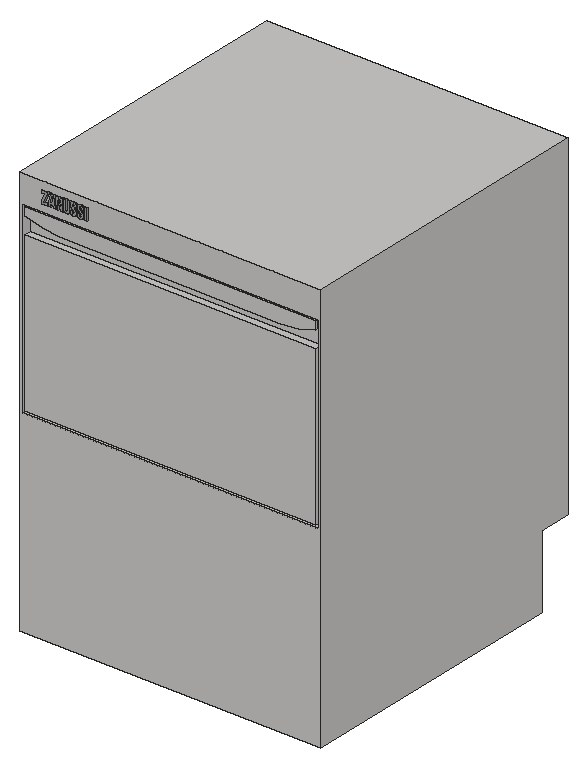
Revit family "QF_ZANUSSI_502729_ZLAI3G", category Specialty Equipment, Revit 2018
Family settings
  Round Connector Dimension = Use Diameter
  Part Type = Normal
  Work Plane-Based = No
  Always vertical = Yes
  Cut with Voids When Loaded = No
  Shared = No
  Room Calculation Point = No
Parameters
  Weight = 68.00 kg
  Watts = 0 W
  Volts = 0 V
  URL Manufacturer = ""
  URL = "http://professional.electrolux.com/"
  Steam Supply Size = 0 mm
  Steam Supply Minimum Pressure = 0.0 Pa
  Steam Supply Maximum Pressure = 0.0 Pa
  Steam Pounds per Hour = 0
  Show Logo [instance] = yes
  Show Clearance [instance] = yes
  Refrigeration Suction Line Size = 0 mm
  Refrigeration Liquid Line Size = 0 mm
  Refrigerant Compressor Remote = yes
  Manufacturer = ""
  Phase = 0
  Model = ""
  Length Actual = 600 mm  # constant formula
  Item Number = ""
  Hot Water Size = 0 mm
  Height Actual = 820 mm  # constant formula
  HP = "7.2 HP"
  Gas Size = 0 mm
  Gas KW = 0
  Gas Input Pressure = 0 W
  Direct Waste Size = 40 mm
  Description = ""
  Depth Actual = 615 mm  # constant formula
  Cycle = 0 Hz
  Condensate Return Size = 0 mm
  Compressed Air Volume = 0.0 L/s
  Compressed Air Size = 0 mm
  Compressed Air Pressure = 0.0 Pa
  Cold Water Size = 0 mm
  Accessory = yes
Types (2, lengths in mm): name | Volts | URL Manufacturer | URL | Manufacturer | Phase | Model | Item Number | Hot Water Size | Description | Cycle
  (no name) | 0 V | "" | "http://professional.electrolux.com/" | "" | 0 | "" | "" | 0 | "" | 0 Hz
  Standard | 400 V | "http://www.zanussiprofessional.com" | "http://www.zanussiprofessional.com" | "Zanussi" | 3 | "ZLAI3G" | "502729" | 19.05 | "UNDERCOUNTER(L), ACTIVE, DOUBLE SKIN, 3PH, DP, DD, 720D/H" | 50 Hz
Reference planes
  plane 1 "Center (Front/Back)": y = 0
  plane 2: z = 0
  plane 3 "Center (Left/Right)": x = 0
  plane 4 "LEFT": x = -300
  plane 5 "RIGHT": x = 300
  plane 6 "FRONT": y = -307.5
  plane 7 "BACK": y = 307.5
  plane 8: x = -202.5
  plane 9: x = 202.5
  plane 10: z = 830
  plane 11: z = 10
  plane 12: y = -679.5
Forms (mm)
  Extrusion 1, solid, material "QF_Finishes_Stainless Steel"
    sketch origin (0, 0, 0) x (1, 0, 0) y (0, 1, 0)
      loop
        line (-300, -307.5) -> (300, -307.5) -> (300, 243.5) -> (-300, 243.5) -> (-300, -307.5)
    from 10 to 830
  Extrusion 2, solid, material "QF_Finishes_Stainless Steel"
    sketch origin (0, 0, 0) x (1, 0, 0) y (0, 1, 0)
      loop
        line (-300, 243.5) -> (300, 243.5) -> (300, 307.5) -> (-300, 307.5) -> (-300, 243.5)
    from 157.434 to 830
  Extrusion 3, void
    sketch origin (-300, -307.5, 0) x (-1, 0, 0) y (0, 0, 1)
      loop
        line (-5, 773.217) -> (-595, 773.217) -> (-595, 401.217) -> (-5, 401.217) -> (-5, 773.217)
    from 0 to 30
  Extrusion 4, solid, material "QF_Finishes_Stainless Steel"
    sketch origin (-274, -392, 733) x (0, 0, -1) y (1, 0, 0)
      loop
        circle (693, 143) r 10
    from -635.5 to -699.5
  Extrusion 5, solid, material "QF_Door-Drawer Clearances", visible <- "Show Clearance", detail levels coarse
    sketch origin (-230, -282.5, -30) x (0, 1, 0) y (0, 0, -1)
      loop
        line (-25, -431.217) -> (-397, -431.217)
        arc (-397, -431.217) -> (-288.044, -694.261) -> (-25, -803.217) r 372
        line (-25, -803.217) -> (-25, -431.217)
    from 59.655 to -520
  Extrusion 6, solid, material "QF_Finishes_Stainless Steel"
    sketch origin (-331.481, -392, 703) x (0, 0, -1) y (1, 0, 0)
      loop
        circle (663, 252.481) r 8
    from -635.5 to -699.5
  Extrusion 7, solid, material "QF_Finishes_Stainless Steel"
    sketch origin (-230, -282.5, 0) x (0, 1, 0) y (0, 0, -1)
      loop
        line (-25, -406.25) -> (-25, -720) -> (-10, -720) -> (-10, -770) -> (0, -770) -> (0, -406.25) -> (-25, -406.25)
    from 59.655 to -520
  Extrusion 8, solid, material "QF_Finishes_Stainless Steel"
    sketch origin (-230, -282.5, 0) x (0, 1, 0) y (0, 0, -1)
      loop
        line (-10, -770) -> (-10, -767.514) -> (-22.5, -767.514) -> (-22.5, -741.25) -> (-25, -741.25) -> (-25, -770) -> (-10, -770)
    from 59.655 to -520
  Extrusion 9, void
    sketch origin (-230, -307.5, 770) x (0, 0, 1) y (1, 0, 0)
      loop
        line (-28.75, 10.266) -> (-28.75, -59.655) -> (-15.552, -59.655)
        arc (-15.552, -59.655) -> (-25.346, -25.298) -> (-28.75, 10.266) r 196.283
      loop
        arc (-28.75, 450.08) -> (-25.346, 485.643) -> (-15.552, 520) r 196.283
        line (-15.552, 520) -> (-28.75, 520) -> (-28.75, 450.08)
    from 0 to 2.5
  Extrusion 10, solid, material "QF_Finishes_Stainless Steel"
    sketch origin (-301, 938.5, 792.934) x (0, -1, 0) y (1, 0, 0)
      loop
        circle (663, 158) r 8
    from -635.5 to -645.5
  Extrusion 11, solid, material "QF_Finishes_Stainless Steel"
    sketch origin (0, 17.5, 0) x (1, 0, 0) y (0, 1, 0)
      loop
        circle (-254, -255) r 12.5
      loop
        circle (254, -255) r 12.5
      loop
        circle (-254, 176) r 12.5
      loop
        circle (254, 176) r 12.5
    from 0 to 10
Cuts and joins
  Extrusion 3 cuts Extrusion 1
  joined: Extrusion 1, Extrusion 2
  Extrusion 9 cuts Extrusion 7
  Extrusion 9 cuts Extrusion 8
Lines and regions (mm)
  Split face 1
    outline origin (-280, -307.5, 830) x (0, 0, -1) y (1, 0, 0)
      loop
        line (19.683, 178.044) -> (39.683, 178.044) -> (39.683, 218.044) -> (19.683, 218.044) -> (19.683, 178.044)
  Split face 2
    outline origin (-300, -307.5, 830) x (0, 0, -1) y (1, 0, 0)
      loop
        line (0, 60) -> (8.971, 363.359)
        arc (8.971, 363.359) -> (10.385, 376.81) -> (13.197, 390.04) r 129.217
        line (13.197, 390.04) -> (16.45, 402.178)
        arc (16.45, 402.178) -> (21.39, 439.707) -> (16.45, 477.235) r 145
        line (16.45, 477.235) -> (12.733, 491.107)
        arc (12.733, 491.107) -> (7.775, 516.22) -> (4.504, 541.608) r 383.339
        line (4.504, 541.608) -> (0, 579.217)
      loop
        line (56.783, 109.273) -> (50.394, 371.184)
        arc (50.394, 371.184) -> (48.98, 384.635) -> (46.168, 397.865) r 129.217
        line (46.168, 397.865) -> (42.916, 410.003)
        arc (42.916, 410.003) -> (37.975, 447.532) -> (42.916, 485.06) r 145
        line (42.916, 485.06) -> (46.633, 498.932)
        arc (46.633, 498.932) -> (51.508, 520.123) -> (54.862, 541.608) r 305
        line (54.862, 541.608) -> (56.783, 557.653)
  Split face 3
    outline origin (-300, -307.5, 830) x (0, 0, -1) y (1, 0, 0)
      loop
        line (0.533, 600) -> (7.482, 541.965)
        arc (7.482, 541.965) -> (10.72, 516.79) -> (15.63, 491.887) r 380.339
        line (15.63, 491.887) -> (19.347, 478.015)
        arc (19.347, 478.015) -> (24.39, 439.71) -> (19.347, 401.405) r 148
        line (19.347, 401.405) -> (16.095, 389.267)
        arc (16.095, 389.267) -> (13.348, 376.344) -> (11.967, 363.205) r 126.217
        line (11.967, 363.205) -> (0, 2.678)
      loop
        line (56.783, 582.884) -> (51.883, 541.965)
        arc (51.883, 541.965) -> (48.562, 520.691) -> (43.735, 499.709) r 302
        line (43.735, 499.709) -> (40.018, 485.837)
        arc (40.018, 485.837) -> (34.975, 447.532) -> (40.018, 409.226) r 148
        line (40.018, 409.226) -> (43.27, 397.089)
        arc (43.27, 397.089) -> (46.017, 384.166) -> (47.398, 371.027) r 126.217
        line (47.398, 371.027) -> (56.783, 51.951)
  Split face 4
    outline origin (-300, -307.5, 830) x (0, 0, -1) y (1, 0, 0)
      loop
        line (56.783, 5) -> (56.783, 0)
      loop
        line (56.783, 595) -> (56.783, 600)
  symbolic lines
    curve 1: line (-300, 307.5, 0) -> (300, 307.5, 0)
    curve 2: line (-300, -307.5, 0) -> (-300, 307.5, 0)
    curve 3: line (300, -307.5, 0) -> (-300, -307.5, 0)
    curve 4: line (300, 307.5, 0) -> (300, -307.5, 0)
  symbolic lines, style "QF_Door-Drawer Clearances"
    curve 5: line (-290, -679.5, 0) -> (290, -679.5, 0)
    curve 6: line (290, -679.5, 0) -> (290, -307.5, 0)
    curve 7: line (-290, -679.5, 0) -> (-290, -307.5, 0)
  symbolic lines, style "SpecialityEquipmentHiddenLines"
    curve 8: line (-300, 243.5, 0) -> (300, 243.5, 0)
Dimensions and locks
  equal spacing: plane 4 "LEFT", plane 3 "Center (Left/Right)", plane 5 "RIGHT"
  equal spacing: plane 7 "BACK", plane 1 "Center (Front/Back)", plane 6 "FRONT"
  plane 7 "BACK" to plane 6 "FRONT" = 615 mm
  plane 4 "LEFT" to plane 5 "RIGHT" = 600 mm
  plane 4 "LEFT" to plane 8 = 97.5 mm
  plane 9 to plane 5 "RIGHT" = 97.5 mm
  plane 11 to level = 10 mm
  plane 4 "LEFT" to plane 3 "Center (Left/Right)" = 300 mm
  plane 10 to level = 830 mm  (x2)
  plane 8 to plane 9 = 405 mm
  Extrusion 10 sketch curve to plane 4 "LEFT" = 157 mm
  level to Extrusion 4 sketch curve = 40 mm
  Extrusion 4 sketch curve to plane 4 "LEFT" = 169 mm
  Extrusion 6 sketch curve to plane 4 "LEFT" = 221 mm
  level to Extrusion 6 sketch curve = 40 mm
  plane 9 to plane 8 = 405 mm
  plane 7 "BACK" to curve 5 = 987 mm
  cut or joined group of Extrusion 7, Extrusion 9 to cut or joined group of Extrusion 1, Extrusion 2, Extrusion 3 = 318.783 mm
  plane 10 to plane 11 = 820 mm
  cut or joined group of Extrusion 8, Extrusion 9 to Extrusion 5 = 368.783 mm
  plane 7 "BACK" to plane 12 = 987 mm
  aligned and locked: level to plane 2
  aligned and locked: Extrusion 1 sketch curve to plane 6 "FRONT"
  aligned and locked: Extrusion 1 sketch curve to plane 4 "LEFT"
  aligned and locked: plane 5 "RIGHT" to Extrusion 1 sketch curve
  aligned and locked: Extrusion 1 to plane 11
  aligned and locked: Extrusion 2 sketch curve to Extrusion 1  (x2)
  aligned and locked: plane 7 "BACK" to Extrusion 2 sketch curve
  aligned and locked: plane 5 "RIGHT" to Extrusion 2 sketch curve
  aligned and locked: Extrusion 2 to Extrusion 4
  aligned and locked: Extrusion 2 to Extrusion 6
  aligned and locked: plane 7 "BACK" to Extrusion 6
  aligned and locked: plane 7 "BACK" to Extrusion 4
  aligned and locked: cut or joined group of Extrusion 8, Extrusion 9 to Extrusion 9
  aligned and locked: plane 10 to Extrusion 2
Automatic sketch dimensions
  Extrusion 1 sketch curve to plane 7 "BACK" = 64 mm
  Extrusion 3 sketch curve to Extrusion 1 = 5 mm  (x2)
  Extrusion 3 sketch curve to Extrusion 1 = 428.783 mm
  Extrusion 3 sketch curve to Extrusion 1 = 56.783 mm
  Extrusion 7 sketch curve to plane 6 "FRONT" = 0 mm
  plane 6 "FRONT" to Extrusion 7 sketch curve = 15 mm
  Extrusion 7 sketch curve to Extrusion 7 sketch curve = 25 mm
  Extrusion 7 sketch curve to plane 10 = 60 mm
  Extrusion 7 sketch curve to Extrusion 7 sketch curve = 50 mm
  Extrusion 7 sketch curve to Extrusion 7 sketch curve = 313.75 mm
  Extrusion 8 sketch curve to plane 6 "FRONT" = 0 mm
  Extrusion 8 sketch curve to Extrusion 8 sketch curve = 2.5 mm
  Extrusion 8 sketch curve to Extrusion 8 sketch curve = 12.5 mm
  Extrusion 8 sketch curve to plane 10 = 60 mm
  Extrusion 8 sketch curve to Extrusion 8 sketch curve = 2.486 mm
  Extrusion 8 sketch curve to Extrusion 8 sketch curve = 26.264 mm
  Extrusion 9 sketch curve to Extrusion 8 = 0 mm  (x3)
  Extrusion 8 to Extrusion 9 sketch curve = 0 mm
  Extrusion 9 sketch curve to Extrusion 8 = 13.198 mm  (x2)
  Extrusion 9 sketch curve to Extrusion 8 = 70.763 mm  (x2)
  Extrusion 9 sketch curve to Extrusion 8 = 196.281 mm  (x2)
  Split face 1 sketch curve to cut or joined group of Extrusion 1, Extrusion 2, Extrusion 3 = 19.683 mm
  cut or joined group of Extrusion 1, Extrusion 2, Extrusion 3 to Split face 1 sketch curve = 17.1 mm
  Split face 1 sketch curve to cut or joined group of Extrusion 1, Extrusion 2, Extrusion 3 = 193.044 mm
  Split face 1 sketch curve to Split face 1 sketch curve = 40 mm
  Split face 2 sketch curve to cut or joined group of Extrusion 1, Extrusion 2, Extrusion 3 = 0 mm  (x4)
  cut or joined group of Extrusion 1, Extrusion 2, Extrusion 3 to Split face 2 sketch curve = 78.646 mm
  Split face 2 sketch curve to Split face 2 sketch curve = 44.963 mm  (x2)
  Split face 2 sketch curve to cut or joined group of Extrusion 1, Extrusion 2, Extrusion 3 = 17.128 mm  (x2)
  Split face 2 sketch curve to Split face 2 sketch curve = 124.365 mm
  Split face 2 sketch curve to cut or joined group of Extrusion 1, Extrusion 2, Extrusion 3 = 4.504 mm
  Split face 2 sketch curve to cut or joined group of Extrusion 1, Extrusion 2, Extrusion 3 = 8.971 mm
  Split face 2 sketch curve to cut or joined group of Extrusion 1, Extrusion 2, Extrusion 3 = 12.733 mm
  Split face 2 sketch curve to cut or joined group of Extrusion 1, Extrusion 2, Extrusion 3 = 13.197 mm
  Split face 2 sketch curve to Split face 2 sketch curve = 3.717 mm
  Split face 2 sketch curve to Split face 2 sketch curve = 3.252 mm
  cut or joined group of Extrusion 1, Extrusion 2, Extrusion 3 to Split face 2 sketch curve = 13.867 mm  (x2)
  cut or joined group of Extrusion 1, Extrusion 2, Extrusion 3 to Split face 2 sketch curve = 10.615 mm
  cut or joined group of Extrusion 1, Extrusion 2, Extrusion 3 to Split face 2 sketch curve = 10.15 mm
  cut or joined group of Extrusion 1, Extrusion 2, Extrusion 3 to Split face 2 sketch curve = 6.389 mm
  cut or joined group of Extrusion 1, Extrusion 2, Extrusion 3 to Split face 2 sketch curve = 1.921 mm
  Split face 2 sketch curve to cut or joined group of Extrusion 1, Extrusion 2, Extrusion 3 = 81.229 mm
  Split face 2 sketch curve to cut or joined group of Extrusion 1, Extrusion 2, Extrusion 3 = 42.66 mm
  Split face 2 sketch curve to cut or joined group of Extrusion 1, Extrusion 2, Extrusion 3 = 53.392 mm
  Split face 2 sketch curve to Split face 2 sketch curve = 0 mm
  Split face 2 sketch curve to Split face 2 sketch curve = 13.872 mm  (x2)
  Split face 2 sketch curve to Split face 2 sketch curve = 37.529 mm  (x2)
  Split face 2 sketch curve to Split face 2 sketch curve = 12.138 mm  (x2)
  Split face 2 sketch curve to Split face 2 sketch curve = 26.681 mm  (x2)
  Split face 2 sketch curve to Split face 2 sketch curve = 16.045 mm
  Split face 2 sketch curve to cut or joined group of Extrusion 1, Extrusion 2, Extrusion 3 = 104.273 mm
  Split face 2 sketch curve to cut or joined group of Extrusion 1, Extrusion 2, Extrusion 3 = 55 mm
  Split face 2 sketch curve to cut or joined group of Extrusion 1, Extrusion 2, Extrusion 3 = 15.783 mm
  Split face 3 sketch curve to cut or joined group of Extrusion 1, Extrusion 2, Extrusion 3 = 0 mm  (x4)
  cut or joined group of Extrusion 1, Extrusion 2, Extrusion 3 to Split face 3 sketch curve = 78.646 mm
  Split face 3 sketch curve to Split face 3 sketch curve = 44.963 mm  (x2)
  Split face 3 sketch curve to cut or joined group of Extrusion 1, Extrusion 2, Extrusion 3 = 17.128 mm  (x2)
  Split face 3 sketch curve to Split face 3 sketch curve = 124.365 mm
  Split face 3 sketch curve to cut or joined group of Extrusion 1, Extrusion 2, Extrusion 3 = 7.482 mm
  Split face 3 sketch curve to cut or joined group of Extrusion 1, Extrusion 2, Extrusion 3 = 11.967 mm
  Split face 3 sketch curve to cut or joined group of Extrusion 1, Extrusion 2, Extrusion 3 = 15.63 mm
  Split face 3 sketch curve to cut or joined group of Extrusion 1, Extrusion 2, Extrusion 3 = 16.095 mm
  Split face 3 sketch curve to Split face 3 sketch curve = 3.252 mm  (x2)
  Split face 3 sketch curve to Split face 3 sketch curve = 3.717 mm
  cut or joined group of Extrusion 1, Extrusion 2, Extrusion 3 to Split face 3 sketch curve = 16.765 mm  (x2)
  cut or joined group of Extrusion 1, Extrusion 2, Extrusion 3 to Split face 3 sketch curve = 13.048 mm
  cut or joined group of Extrusion 1, Extrusion 2, Extrusion 3 to Split face 3 sketch curve = 9.385 mm
  cut or joined group of Extrusion 1, Extrusion 2, Extrusion 3 to Split face 3 sketch curve = 4.9 mm
  Split face 3 sketch curve to cut or joined group of Extrusion 1, Extrusion 2, Extrusion 3 = 81.229 mm
  Split face 3 sketch curve to cut or joined group of Extrusion 1, Extrusion 2, Extrusion 3 = 42.66 mm
  Split face 3 sketch curve to cut or joined group of Extrusion 1, Extrusion 2, Extrusion 3 = 53.035 mm
  Split face 3 sketch curve to Split face 3 sketch curve = 0 mm
  Split face 3 sketch curve to Split face 3 sketch curve = 13.872 mm  (x2)
  Split face 3 sketch curve to Split face 3 sketch curve = 38.305 mm  (x2)
  Split face 3 sketch curve to Split face 3 sketch curve = 12.138 mm  (x2)
  Split face 3 sketch curve to Split face 3 sketch curve = 26.062 mm  (x2)
  Split face 3 sketch curve to cut or joined group of Extrusion 1, Extrusion 2, Extrusion 3 = 0.533 mm
  Split face 3 sketch curve to cut or joined group of Extrusion 1, Extrusion 2, Extrusion 3 = 46.951 mm
  cut or joined group of Extrusion 1, Extrusion 2, Extrusion 3 to Split face 3 sketch curve = 2.322 mm
  Split face 3 sketch curve to cut or joined group of Extrusion 1, Extrusion 2, Extrusion 3 = 12.116 mm
  cut or joined group of Extrusion 1, Extrusion 2, Extrusion 3 to Split face 4 sketch curve = 0 mm
  Split face 4 sketch curve to cut or joined group of Extrusion 1, Extrusion 2, Extrusion 3 = 0 mm  (x5)
  plane 4 "LEFT" to Extrusion 11 sketch curve = 46 mm  (x2)
  Extrusion 11 sketch curve to plane 5 "RIGHT" = 46 mm  (x2)
  plane 6 "FRONT" to Extrusion 11 sketch curve = 70 mm  (x2)
  Extrusion 11 sketch curve to plane 7 "BACK" = 114 mm  (x2)
  curve 8 to plane 4 "LEFT" = 0 mm
  curve 7 to plane 6 "FRONT" = 0 mm
  curve 4 to plane 5 "RIGHT" = 0 mm
  curve 2 to plane 7 "BACK" = 0 mm
  plane 4 "LEFT" to curve 7 = 10 mm
  curve 5 to plane 5 "RIGHT" = 10 mm
  curve 8 to plane 7 "BACK" = 64 mm
  Extrusion 5 sketch curve to plane 12 = 0 mm
  Extrusion 5 sketch curve to plane 6 "FRONT" = 0 mm
  plane 11 to Extrusion 5 sketch curve = 391.217 mm
  Extrusion 10 sketch curve to plane 7 "BACK" = 32 mm
  radius of Extrusion 4 sketch curve = 10 mm
  radius of Extrusion 6 sketch curve = 8 mm
  radius of Extrusion 10 sketch curve = 8 mm
  radius of Extrusion 11 sketch curve = 12.5 mm  (x4)
Nested families
  nested 1: "ZAN_Logo_S_Grey" at (-210.606, -307.5, 801.116) x (1, 0, 0) z (0, -1, 0), type "ZAN_Logo_S_Grey"
Connectors
  piping at (-131, 307.5, 40), diameter 20
    settings: on Extrusion 4, index 1, connector inside diameter 609.6 mm, connector length 0 mm, flow factor 0, pipe flow 0.0 L/s, pressure drop 0.0 Pa, fitting loss kfactor 0, connector angle 0.00°, fixture units 0, engagement length 0 mm, angle of deflection 0.00°, flow configuration 1, flow direction 1, fitting loss method 0, system type 16, joint type 0, gender type 0, connector reference index -1, connector utility 0, adjustable connector no, is connector primary yes, connector description "Drain"
  piping at (-79, 307.5, 40), driven by "Hot Water Size"
    settings: on Extrusion 6, index 3, connector diameter 0 mm, connector inside diameter 609.6 mm, connector length 0 mm, flow factor 0, pipe flow 0.0 L/s, pressure drop 0.0 Pa, fitting loss kfactor 0, connector angle 0.00°, fixture units 0, engagement length 0 mm, angle of deflection 0.00°, flow configuration 1, flow direction 1, fitting loss method 0, system type 19, joint type 0, gender type 0, connector reference index -1, connector utility 0, adjustable connector no, is connector primary no, connector description "Hot Water Inlet"
  electrical at (-143, 275.5, 147.434), driven by "Volts"
    settings: on Extrusion 10, index 4, voltage 0 V, apparent load 0 VA, apparent load phase1 0 VA, apparent load phase2 0 VA, apparent load phase3 0 VA, power factor 1, load classification "Altro", number of poles 1, system type 31, power factor state 1, is connector primary yes, connector utility no, sub classification motor no, connector description "Electrical Connection"
Definition of nested family "ZAN_Logo_S_Grey"
  Parameters (values of type "ZAN_Logo_S_Grey")
    Default Elevation = 0 mm
  Reference planes
    plane 1 "Centro (Fronte/Retro)": y = 0
    plane 2: z = 0
    plane 3 "Centro (Sinistra/Destra)": x = 0
  Forms (mm)
    Extrusion 1, solid
      sketch origin (0, 0, 0) x (1, 0, 0) y (0, 1, 0)
        loop
          line (-1219.2, 1219.2) -> (-1219.2, -1219.2) -> (1219.2, -1219.2) -> (1219.2, 1219.2) -> (-1219.2, 1219.2)
      from 0 to -304.8
    Extrusion 2, solid
      sketch origin (17.793, -46.218, 0) x (-1, 0, 0) y (0, -1, 0)
        loop
          spline (-4.176, -58.079) -> (-3.496, -58.328) -> (-2.793, -58.512) -> (-2.075, -58.63) -> (-1.348, -58.682) -> (-0.619, -58.669) -> (0.106, -58.588) -> (0.818, -58.44) -> (1.512, -58.225) -> (2.18, -57.941) -> (2.817, -57.589) -> (3.414, -57.167) -> (3.966, -56.676)
          spline (3.966, -56.676) -> (4.293, -56.162) -> (4.575, -55.61) -> (4.81, -55.026) -> (5, -54.419) -> (5.146, -53.797) -> (5.247, -53.166) -> (5.304, -52.536) -> (5.318, -51.913) -> (5.288, -51.306) -> (5.217, -50.723) -> (5.103, -50.17) -> (4.949, -49.657)
          line (4.949, -49.657) -> (2.702, -46.428) -> (0.316, -44.323)
          spline (0.316, -44.323) -> (0.065, -44.115) -> (-0.195, -43.909) -> (-0.46, -43.704) -> (-0.729, -43.496) -> (-0.997, -43.282) -> (-1.263, -43.059) -> (-1.523, -42.825) -> (-1.774, -42.576) -> (-2.013, -42.309) -> (-2.238, -42.022) -> (-2.445, -41.712) -> (-2.632, -41.375)
          spline (-2.632, -41.375) -> (-2.666, -41.159) -> (-2.697, -40.934) -> (-2.722, -40.701) -> (-2.736, -40.465) -> (-2.736, -40.227) -> (-2.72, -39.989) -> (-2.682, -39.754) -> (-2.621, -39.524) -> (-2.533, -39.302) -> (-2.414, -39.091) -> (-2.261, -38.892) -> (-2.07, -38.708)
          line (-2.07, -38.708) -> (-0.245, -38.567)
          spline (-0.245, -38.567) -> (0.096, -38.8) -> (0.354, -39.074) -> (0.54, -39.381) -> (0.664, -39.716) -> (0.738, -40.073) -> (0.772, -40.445) -> (0.777, -40.825) -> (0.763, -41.208) -> (0.742, -41.588) -> (0.723, -41.957) -> (0.718, -42.309) -> (0.737, -42.638)
          line (0.737, -42.638) -> (5.65, -42.638)
          spline (5.65, -42.638) -> (5.708, -42.042) -> (5.741, -41.448) -> (5.747, -40.857) -> (5.723, -40.273) -> (5.668, -39.696) -> (5.58, -39.129) -> (5.457, -38.574) -> (5.297, -38.032) -> (5.098, -37.506) -> (4.857, -36.997) -> (4.574, -36.508) -> (4.247, -36.041)
          spline (4.247, -36.041) -> (3.844, -35.675) -> (3.409, -35.35) -> (2.946, -35.065) -> (2.458, -34.819) -> (1.949, -34.612) -> (1.421, -34.444) -> (0.88, -34.314) -> (0.326, -34.221) -> (-0.234, -34.165) -> (-0.8, -34.146) -> (-1.366, -34.163) -> (-1.93, -34.216)
          spline (-1.93, -34.216) -> (-2.526, -34.309) -> (-3.116, -34.448) -> (-3.695, -34.633) -> (-4.259, -34.861) -> (-4.801, -35.131) -> (-5.316, -35.444) -> (-5.799, -35.798) -> (-6.245, -36.191) -> (-6.648, -36.624) -> (-7.002, -37.095) -> (-7.303, -37.603) -> (-7.545, -38.146)
          spline (-7.545, -38.146) -> (-7.694, -38.815) -> (-7.792, -39.487) -> (-7.839, -40.158) -> (-7.836, -40.824) -> (-7.785, -41.482) -> (-7.685, -42.129) -> (-7.539, -42.762) -> (-7.347, -43.377) -> (-7.111, -43.97) -> (-6.83, -44.538) -> (-6.506, -45.078) -> (-6.141, -45.586)
          line (-6.141, -45.586) -> (-0.526, -50.64) -> (0.176, -51.482)
          spline (0.176, -51.482) -> (0.248, -51.66) -> (0.323, -51.843) -> (0.397, -52.03) -> (0.467, -52.22) -> (0.529, -52.412) -> (0.579, -52.605) -> (0.615, -52.798) -> (0.633, -52.989) -> (0.63, -53.179) -> (0.601, -53.366) -> (0.545, -53.55) -> (0.456, -53.728)
          spline (0.456, -53.728) -> (0.375, -53.892) -> (0.273, -54.034) -> (0.154, -54.155) -> (0.02, -54.258) -> (-0.126, -54.343) -> (-0.28, -54.412) -> (-0.441, -54.466) -> (-0.604, -54.508) -> (-0.767, -54.537) -> (-0.928, -54.556) -> (-1.082, -54.567) -> (-1.228, -54.57)
          line (-1.228, -54.57) -> (-2.632, -53.587) -> (-2.772, -50.64) -> (-7.405, -50.64)
          spline (-7.405, -50.64) -> (-7.41, -51.031) -> (-7.423, -51.432) -> (-7.44, -51.839) -> (-7.456, -52.251) -> (-7.469, -52.665) -> (-7.475, -53.079) -> (-7.468, -53.489) -> (-7.446, -53.894) -> (-7.404, -54.291) -> (-7.339, -54.679) -> (-7.247, -55.053) -> (-7.123, -55.412)
          spline (-7.123, -55.412) -> (-6.999, -55.693) -> (-6.837, -55.97) -> (-6.643, -56.244) -> (-6.422, -56.509) -> (-6.177, -56.765) -> (-5.913, -57.009) -> (-5.634, -57.238) -> (-5.346, -57.45) -> (-5.051, -57.643) -> (-4.755, -57.814) -> (-4.462, -57.96) -> (-4.176, -58.079)
        loop
          spline (-21.021, -55.552) -> (-20.633, -56.181) -> (-20.177, -56.736) -> (-19.661, -57.217) -> (-19.092, -57.627) -> (-18.478, -57.966) -> (-17.827, -58.237) -> (-17.147, -58.441) -> (-16.446, -58.578) -> (-15.73, -58.652) -> (-15.009, -58.662) -> (-14.29, -58.611) -> (-13.581, -58.5)
          spline (-13.581, -58.5) -> (-13.088, -58.407) -> (-12.595, -58.269) -> (-12.109, -58.088) -> (-11.636, -57.866) -> (-11.183, -57.605) -> (-10.756, -57.307) -> (-10.361, -56.974) -> (-10.004, -56.608) -> (-9.692, -56.211) -> (-9.431, -55.784) -> (-9.228, -55.33) -> (-9.089, -54.851)
          spline (-9.089, -54.851) -> (-8.873, -54.211) -> (-8.715, -53.559) -> (-8.615, -52.901) -> (-8.574, -52.241) -> (-8.592, -51.585) -> (-8.668, -50.938) -> (-8.802, -50.306) -> (-8.995, -49.693) -> (-9.247, -49.106) -> (-9.557, -48.55) -> (-9.925, -48.03) -> (-10.352, -47.551)
          line (-10.352, -47.551) -> (-15.546, -42.919) -> (-16.669, -41.234)
          spline (-16.669, -41.234) -> (-16.704, -41.021) -> (-16.735, -40.804) -> (-16.761, -40.583) -> (-16.778, -40.361) -> (-16.784, -40.139) -> (-16.774, -39.919) -> (-16.748, -39.701) -> (-16.7, -39.488) -> (-16.63, -39.28) -> (-16.533, -39.08) -> (-16.406, -38.889) -> (-16.248, -38.708)
          line (-16.248, -38.708) -> (-14.844, -38.427)
          spline (-14.844, -38.427) -> (-14.347, -38.545) -> (-13.969, -38.749) -> (-13.695, -39.028) -> (-13.508, -39.368) -> (-13.393, -39.757) -> (-13.335, -40.182) -> (-13.318, -40.63) -> (-13.326, -41.089) -> (-13.344, -41.546) -> (-13.356, -41.988) -> (-13.347, -42.403) -> (-13.3, -42.779)
          line (-13.3, -42.779) -> (-8.387, -42.638)
          spline (-8.387, -42.638) -> (-8.326, -42.034) -> (-8.288, -41.417) -> (-8.277, -40.794) -> (-8.299, -40.169) -> (-8.357, -39.548) -> (-8.457, -38.936) -> (-8.604, -38.339) -> (-8.803, -37.762) -> (-9.058, -37.21) -> (-9.375, -36.689) -> (-9.758, -36.204) -> (-10.212, -35.76)
          spline (-10.212, -35.76) -> (-10.793, -35.336) -> (-11.409, -34.976) -> (-12.054, -34.679) -> (-12.723, -34.445) -> (-13.409, -34.273) -> (-14.107, -34.163) -> (-14.811, -34.115) -> (-15.515, -34.127) -> (-16.213, -34.2) -> (-16.899, -34.333) -> (-17.568, -34.526) -> (-18.213, -34.777)
          spline (-18.213, -34.777) -> (-18.496, -34.897) -> (-18.783, -35.044) -> (-19.071, -35.216) -> (-19.357, -35.412) -> (-19.639, -35.629) -> (-19.915, -35.865) -> (-20.182, -36.119) -> (-20.438, -36.389) -> (-20.681, -36.672) -> (-20.907, -36.967) -> (-21.115, -37.272) -> (-21.301, -37.585)
          spline (-21.301, -37.585) -> (-21.55, -38.26) -> (-21.734, -38.948) -> (-21.854, -39.647) -> (-21.91, -40.351) -> (-21.901, -41.057) -> (-21.828, -41.761) -> (-21.69, -42.459) -> (-21.489, -43.148) -> (-21.222, -43.823) -> (-20.892, -44.48) -> (-20.497, -45.116) -> (-20.038, -45.726)
          line (-20.038, -45.726) -> (-14.142, -51.061) -> (-13.44, -52.886) -> (-14.002, -54.289) -> (-15.265, -54.57) -> (-16.669, -53.587) -> (-16.81, -50.78) -> (-21.582, -50.64)
          spline (-21.582, -50.64) -> (-21.558, -51.063) -> (-21.55, -51.491) -> (-21.554, -51.92) -> (-21.561, -52.35) -> (-21.567, -52.778) -> (-21.565, -53.201) -> (-21.547, -53.619) -> (-21.509, -54.029) -> (-21.444, -54.43) -> (-21.345, -54.818) -> (-21.206, -55.193) -> (-21.021, -55.552)
        loop
          line (-22.424, -34.216) -> (-27.337, -34.216) -> (-27.337, -58.22) -> (-22.424, -58.22) -> (-22.424, -34.216)
        loop
          line (14.213, -39.971) -> (14.213, -58.22) -> (19.126, -58.22) -> (19.126, -42.077) -> (18.845, -38.146) -> (18.424, -37.164) -> (17.442, -35.9) -> (16.459, -35.199) -> (14.494, -34.356) -> (13.511, -34.216) -> (11.265, -34.216) -> (10.142, -34.497) -> (8.458, -35.479) -> (6.493, -38.287) -> (6.352, -39.269) -> (6.352, -58.22) -> (11.265, -58.22) -> (11.265, -40.392) -> (11.827, -39.129) -> (13.371, -38.988) -> (14.213, -39.971)
        loop
          line (20.249, -58.22) -> (24.741, -58.22) -> (24.741, -42.919) -> (28.812, -58.22) -> (34.006, -58.22) -> (34.006, -34.216) -> (29.654, -34.216) -> (29.654, -50.078) -> (25.583, -34.216) -> (20.249, -34.216) -> (20.249, -58.22)
        loop
          line (50.149, -58.22) -> (62.361, -58.22) -> (62.361, -53.728) -> (55.904, -53.868) -> (62.923, -39.129) -> (62.923, -34.216) -> (50.149, -34.216) -> (50.149, -39.129) -> (57.517, -39.129) -> (50.149, -54.149) -> (50.149, -58.22)
        loop
          line (38.778, -58.22) -> (45.516, -58.22) -> (49.868, -34.216) -> (44.814, -34.216) -> (44.113, -38.848) -> (40.042, -38.848) -> (39.34, -34.216) -> (34.286, -34.216) -> (38.778, -58.22)
        loop
          line (43.551, -43.2) -> (40.744, -43.2) -> (42.147, -54.117) -> (43.551, -43.2)
      from 0 to 1.644
  Dimensions and locks
    aligned and locked: plane 2 to Extrusion 1
    aligned and locked: level to Extrusion 1
